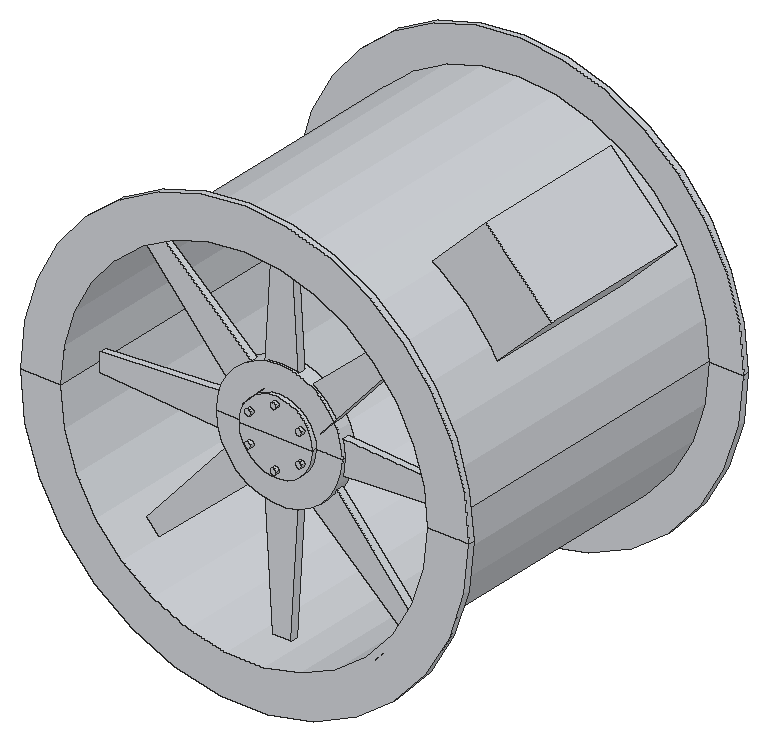
Revit family "CADS_Vent-Axia_MechEquip_Fan_LCA_315_1Ph4P - EXTRACT", category Mechanical Equipment, Revit 2020
Family settings
  Round Connector Dimension = Use Diameter
  Part Type = Normal
  OmniClass Number = 23.75.00.00
  OmniClass Title = Climate Control (HVAC)
  Work Plane-Based = No
  Always vertical = Yes
  Cut with Voids When Loaded = No
  Shared = No
  Room Calculation Point = No
Parameters (values of type "LCA311410")
  nr = NominalDiameter / 2  # 157.5 mm
  WorkingPressure = 0.0 Pa
  WarrantyStartDate [instance] = "1900-12-31T23:59:59"
  WarrantyPeriod = ""
  WarrantyIdentifier = "N/A"
  WarrantyGuarantorParts = "tech@vent-axia.com"
  WarrantyGuarantorLabor = "tech@vent-axia.com"
  WarrantyGuarantor = "Vent-Axia Limited"
  WarrantyEndDate [instance] = "1900-12-31T23:59:59"
  WarrantyContent = ""
  TemperatureRange = ""
  TagNumber [instance] = "N/A"
  SustainabilityPerformance = ""
  Status = "New"
  Size = ""
  Shape = ""
  ServiceLifeType = ""
  ServiceLifeDuration = ""
  SerialNumber [instance] = "N/A"
  ReplacementCost = ""
  RatedVoltage = 0 V
  RatedCurrent = 0 A
  Quantity = 1
  ProductionYear = ""
  PressureCurve = ""
  PowerFactor = ""
  PointOfContact = ""
  NumberOfPoles = 0
  NominalWidth = 315 mm
  NominalLength = 300 mm
  NominalHeight = 315 mm
  NominalFrequencyRange = ""
  NominalDiameter = 315 mm
  ModelReference = "LCAX 315mm 1PH 4P 10DEG"
  ModelNumber = "LCA311410"
  Material = ""
  ManufacturerE-Mail = "tech@vent-axia.com"
  ManufacturerAddress = "Fleming Way\nCrawley \nRH10 9YX"
  IsExtendedWarranty = no
  InsulationStandardClass = ""
  InstallationDate [instance] = "1900-12-31T23:59:59"
  IfcExportType [instance] = ""
  IfcExportAs = "IfcFanType"
  IP_Code = ""
  HasProtectiveEarth = no
  GrossWeight = 0.00 kg
  Grade = ""
  GlobalTradeItemNumber [instance] = "N/A"
  Fitting Type = "Ignore"
  Finish = ""
  Features = ""
  ExteriorInsulation = no
  ExpectedServiceLife = 0
  Exclusions = ""
  DurationUnit = "Year"
  Default Elevation = 0 mm
  Constituents = ""
  ConductorFunction = ""
  Color = ""
  CodePerformance = ""
  Category = ""
  CADS_Usage = 0
  CADS_Index = 0
  AssetType = "FIXED"
  AssetIdentifier [instance] = "N/A"
  AssemblyPlace = "UNKNOWN"
  ArticleNumber [instance] = "N/A"
  AirflowRateRange = 0.0 L/s
  Air Flow [instance] = 0.0 L/s
  AccessibilityPerformance = ""
Types (15, lengths in mm): name | ModelReference | ModelNumber
  LCA311410 | "LCAX 315mm 1PH 4P 10DEG" | "LCA311410"
  LCA311412 | "LCAX 315mm 1PH 4P 12DEG" | "LCA311412"
  LCA311414 | "LCAX 315mm 1PH 4P 14DEG" | "LCA311414"
  LCA311416 | "LCAX 315mm 1PH 4P 16DEG" | "LCA311416"
  LCA311418 | "LCAX 315mm 1PH 4P 18DEG" | "LCA311418"
  LCA311420 | "LCAX 315mm 1PH 4P 20DEG" | "LCA311420"
  LCA311422 | "LCAX 315mm 1PH 4P 22DEG" | "LCA311422"
  LCA311424 | "LCAX 315mm 1PH 4P 24DEG" | "LCA311424"
  LCA311426 | "LCAX 315mm 1PH 4P 26DEG" | "LCA311426"
  LCA311428 | "LCAX 315mm 1PH 4P 28DEG" | "LCA311428"
  LCA311430 | "LCAX 315mm 1PH 4P 30DEG" | "LCA311430"
  LCA311432 | "LCAX 315mm 1PH 4P 32DEG" | "LCA311432"
  LCA311434 | "LCAX 315mm 1PH 4P 34DEG" | "LCA311434"
  LCA311436 | "LCAX 315mm 1PH 4P 36DEG" | "LCA311436"
  LCA311438 | "LCAX 315mm 1PH 4P 38DEG" | "LCA311438"
Reference planes
  plane 1 "Center (Front/Back)": y = 0
  plane 2: z = 0
  plane 3 "Center (Left/Right)": x = 0
  plane 4: x = -157.5
  plane 5: x = 157.5
  plane 6 "F": y = -150
  plane 7 "B": y = 150
  plane 8: x = -192.5
  plane 9: y = 145
  plane 10: y = -145
  plane 11: x = -162.5
  plane 12: y = -110
  plane 13 "top": z = 157.5
  plane 14: z = -157.5
  plane 15 "45deg": through (0, -1524, 0) normal (-0.7071, 0, -0.7071)
  plane 16 "C": through (0, -1524, 0) normal (-0.7071, 0, 0.7071)
Forms (mm)
  Revolve 1, solid
    sketch origin (0, 0, 0) x (1, 0, 0) y (0, 1, 0)
      loop
        line (-192.5, -150) -> (-157.5, -150) -> (-157.5, 150) -> (-192.5, 150) -> (-192.5, 145) -> (-162.5, 145) -> (-162.5, -145) -> (-192.5, -145) -> (-192.5, -150)
      axis (0, 150) -> (0, -150)
    angle from 0 to 360
  Sweep 2, solid
    path origin (0, 0, 0) x (1, 0, 0) y (0, 0, 1)
      loop
        line (111.369, 111.369) -> (157.331, 157.331)
    profile origin (134.35, 0, 134.35) x (-0.707107, 0, 0.707107) y (0, -1, 0)
      loop
        line (37.5, 55) -> (-42.73, 55) -> (-42.73, -79.5) -> (37.5, -79.5) -> (37.5, 55)
Dimensions and locks
  equal spacing: plane 4, plane 3 "Center (Left/Right)", plane 5
  equal spacing: plane 7 "B", plane 1 "Center (Front/Back)", plane 6 "F"
  "NominalLength": plane 7 "B" to plane 6 "F"
  "NominalDiameter": plane 4 to plane 5
  locked: plane 11 to plane 4 at 5
  locked: plane 8 to plane 11 at 30
  locked: plane 6 "F" to plane 10 at 5
  locked: plane 7 "B" to plane 9 at 5
  locked: plane 6 "F" to plane 12 at 40
  equal spacing: plane 13 "top", level, plane 14
  "NominalDiameter": plane 13 "top" to plane 14
  "nr": Sweep 2 sketch curve to nested 13
  Sweep 2 sketch curve to Sweep 2 sketch curve = 65 mm
  aligned and locked: level to plane 2
  aligned and locked: nested 1 to plane 12
Automatic sketch dimensions
  plane 6 "F" to Revolve 1 sketch curve = 0 mm
  Revolve 1 sketch curve to plane 8 = 0 mm  (x2)
  plane 10 to Revolve 1 sketch curve = 0 mm
  Revolve 1 sketch curve to plane 11 = 0 mm
  Revolve 1 sketch curve to plane 4 = 0 mm
  Revolve 1 sketch curve to plane 3 "Center (Left/Right)" = 0 mm
  plane 1 "Center (Front/Back)" to Revolve 1 sketch curve = 0 mm
  Revolve 1 sketch curve to plane 9 = 0 mm
  Revolve 1 sketch curve to plane 7 "B" = 0 mm
  plane 6 "F" to Revolve 1 sketch curve = 115 mm
  plane 1 "Center (Front/Back)" to Sweep 2 sketch curve = 55 mm
  Sweep 2 sketch curve to profile plane = 37.5 mm
  Sweep 2 sketch curve to Sweep 2 sketch curve = 80.23 mm
  Sweep 2 sketch curve to Sweep 2 sketch curve = 134.5 mm
  Sweep 2 sketch curve to plane 16 "C" = 0 mm  (x2)
Nested families
  nested 1: "Fan for ESC" at (0, -110, 0), ND <- "NominalDiameter", type "Fan for ESC"
    with hub 31.5 mm, ND 315 mm, BoltPCD 25.2 mm, Bolt Count 6, B_Diam 5 mm
  nested 2: "Bolts" at (21.824, -119.172, -12.6) x (-0.5, 0, -0.866) z (0, 1, 0), type "Bolts"
    with bd 5 mm
  nested 3: "Bolts" at (0, -119.172, -25.2) x (-1, 0, 0) z (0, 1, 0), type "Bolts"
    with bd 5 mm
  nested 4: "Bolts" at (-21.824, -119.172, -12.6) x (-0.5, 0, 0.866) z (0, 1, 0), type "Bolts"
    with bd 5 mm
  nested 5: "Bolts" at (-21.824, -119.172, 12.6) x (0.5, 0, 0.866) z (0, 1, 0), type "Bolts"
    with bd 5 mm
  nested 6: "Bolts" at (21.824, -119.172, 12.6) x (0.5, 0, -0.866) z (0, 1, 0), type "Bolts"
    with bd 5 mm
  nested 7: "Bolts" at (0, -119.172, 25.2) x (1, 0, 0) z (0, 1, 0), type "Bolts"
    with bd 5 mm
  nested 8: "ESC Blade" at (0, -110, 0), type "ESC Blade"
    with a 20.00°, HR 31.5 mm, HD 63 mm, BT 15.75 mm, BR 126 mm, BH 40 mm, BD 315 mm, BB 31.5 mm
  nested 9: "ESC Blade" at (0, -110, 0) x (0.7071, 0, -0.7071) z (0.7071, 0, 0.7071), type "ESC Blade"
    with a 20.00°, HR 31.5 mm, HD 63 mm, BT 15.75 mm, BR 126 mm, BH 40 mm, BD 315 mm, BB 31.5 mm
  nested 10: "ESC Blade" at (0, -110, 0) x (0, 0, -1) z (1, 0, 0), type "ESC Blade"
    with a 20.00°, HR 31.5 mm, HD 63 mm, BT 15.75 mm, BR 126 mm, BH 40 mm, BD 315 mm, BB 31.5 mm
  nested 11: "ESC Blade" at (0, -110, 0) x (-0.7071, 0, -0.7071) z (0.7071, 0, -0.7071), type "ESC Blade"
    with a 20.00°, HR 31.5 mm, HD 63 mm, BT 15.75 mm, BR 126 mm, BH 40 mm, BD 315 mm, BB 31.5 mm
  nested 12: "ESC Blade" at (0, -110, 0) x (-1, 0, 0) z (0, 0, -1), type "ESC Blade"
    with a 20.00°, HR 31.5 mm, HD 63 mm, BT 15.75 mm, BR 126 mm, BH 40 mm, BD 315 mm, BB 31.5 mm
  nested 13: "ESC Blade" at (0, -110, 0) x (-0.7071, 0, -0.7071) z (-0.7071, 0, 0.7071), type "ESC Blade"
    with a 20.00°, HR 31.5 mm, HD 63 mm, BT 15.75 mm, BR 126 mm, BH 40 mm, BD 315 mm, BB 31.5 mm
  nested 14: "ESC Blade" at (0, -110, 0) x (0, 0, -1) z (-1, 0, 0), type "ESC Blade"
    with a 20.00°, HR 31.5 mm, HD 63 mm, BT 15.75 mm, BR 126 mm, BH 40 mm, BD 315 mm, BB 31.5 mm
  nested 15: "ESC Blade" at (0, -110, 0) x (0.7071, 0, -0.7071) z (-0.7071, 0, -0.7071), type "ESC Blade"
    with a 20.00°, HR 31.5 mm, HD 63 mm, BT 15.75 mm, BR 126 mm, BH 40 mm, BD 315 mm, BB 31.5 mm
Connectors
  hvac at (0, -150, 0), driven by "NominalDiameter", driven by "Air Flow"
    settings: on Revolve 1, index 1, duct flow 0.0 L/s, flow factor 0, pres drop 0.0 Pa, loss coef 0, conn angle 0.00°, conn width 304.8 mm, conn height 304.8 mm, conn diameter 315 mm, duct sys type 2, conn prof type 0, flow config 0, flow direction 1, loss method 0, conn ref index -1, conn util no, is conn primary yes, conn desc ""
  hvac at (0, 150, 0), driven by "NominalDiameter", driven by "Air Flow"
    settings: on Revolve 1, index 2, duct flow 0.0 L/s, flow factor 0, pres drop 0.0 Pa, loss coef 0, conn angle 0.00°, conn width 304.8 mm, conn height 304.8 mm, conn diameter 315 mm, duct sys type 3, conn prof type 0, flow config 1, flow direction 2, loss method 0, conn ref index -1, conn util no, is conn primary no, conn desc ""
Definition of nested family "Fan for ESC"
  Parameters (values of type "Fan for ESC")
    hub [instance] = ND / 10  # 56.7 mm
    ND [instance] = 567 mm
    Model = "."
    Default Elevation = 0 mm
    BoltPCD [instance] = hub - (hub * 0.2)  # 45.36 mm
    Bolt Count [instance] = if(hub < 50 mm, 6, 8)  # 8
    B_Diam [instance] = if(hub < 50 mm, 5 mm, 10 mm)  # 10 mm
  Reference planes
    plane 1 "Center (Front/Back)": y = 0
    plane 2: z = 0
    plane 3 "Center (Left/Right)": x = 0
    plane 4 "back": y = 20
    plane 5 "bolts": y = -9.172
    plane 6 "B": z = 56.7
    plane 7: x = -79.287
    plane 8: x = -56.7
    plane 9 "hubface": y = -6.172
  Forms (mm)
    Revolve 1, solid
      sketch origin (0, 0, 0) x (1, 0, 0) y (0, 1, 0)
        loop
          line (0, 20) -> (-56.7, 20) -> (-56.7, 10.504) -> (-79.287, 10.504) -> (-79.287, -2.597) -> (-56.7, -2.597) -> (-56.7, -6.172) -> (0, -6.172) -> (0, 20)
        axis (0, 20) -> (0, -6.172)
      angle from 0 to 360
    Extrusion 2, solid, not visible
      sketch origin (0, -6.347, -4) x (-1, 0, 0) y (0, 0, 1)
        loop
          circle (0, 84) r 5
      from 0 to 3
  Lines and regions (mm)
    symbolic lines
      curve 1: circle (0, -9.172, 0) r 45.36 normal (0, 1, 0)
    model lines, not visible
      curve 2: line (0, -6.347, 85) -> (0, -6.347, 75)
  Dimensions and locks
    "hub": plane 6 "B" to plane 2
    "hub": nested 3 to plane 3 "Center (Left/Right)"
    "hub": nested 4 to plane 3 "Center (Left/Right)"
    "hub": nested 5 to plane 3 "Center (Left/Right)"
    "hub": plane 3 "Center (Left/Right)" to nested 6
    "hub": Revolve 1 sketch curve to Revolve 1 sketch curve
    "hub": plane 3 "Center (Left/Right)" to nested 7
    "hub": plane 3 "Center (Left/Right)" to nested 8
    "hub": plane 3 "Center (Left/Right)" to nested 9
    "hub": plane 8 to plane 3 "Center (Left/Right)"
    plane 7 to plane 8 = 22.587 mm
    diameter of Extrusion 2 sketch curve = 10 mm
    "BoltPCD": radius of curve 1
    "BoltPCD": radius of radial array
    aligned and locked: level to plane 2
    aligned and locked: plane 6 "B" to nested 1
  Automatic sketch dimensions
    Revolve 1 sketch curve to plane 7 = 0 mm
    Revolve 1 sketch curve to plane 8 = 0 mm  (x2)
    Revolve 1 sketch curve to plane 3 "Center (Left/Right)" = 0 mm
    Revolve 1 sketch curve to plane 9 "hubface" = 0 mm
    plane 4 "back" to Revolve 1 sketch curve = 0 mm
    plane 1 "Center (Front/Back)" to Revolve 1 sketch curve = 2.597 mm
    plane 4 "back" to Revolve 1 sketch curve = 9.496 mm
    Revolve 1 sketch curve to Revolve 1 sketch curve = 5 mm
    Revolve 1 sketch curve to plane 4 "back" = 45 mm
    curve 1 to level = 0 mm
    curve 1 to plane 3 "Center (Left/Right)" = 0 mm
  Nested families
    nested 1: "ESC Blade" at (0, 0, 0), BD <- "ND", HD <- "hub", type "ESC Blade"
      with a 20.00°, HR 56.7 mm, HD 113.4 mm, BT 28.35 mm, BR 226.8 mm, BH 40 mm, BD 567 mm, BB 56.7 mm
    nested 2: "ESC Blade" at (0, 0, 755), BD <- "ND", HD <- "hub", type "ESC Blade", not visible
      with a 20.00°, HR 56.7 mm, HD 113.4 mm, BT 28.35 mm, BR 226.8 mm, BH 40 mm, BD 567 mm, BB 56.7 mm
    nested 3: "ESC Blade" at (0, 0, 0) x (0.7071, 0, -0.7071) z (0.7071, 0, 0.7071), BD <- "ND", HD <- "hub", type "ESC Blade"
      with a 20.00°, HR 56.7 mm, HD 113.4 mm, BT 28.35 mm, BR 226.8 mm, BH 40 mm, BD 567 mm, BB 56.7 mm
    nested 4: "ESC Blade" at (0, 0, 0) x (0, 0, -1) z (1, 0, 0), BD <- "ND", HD <- "hub", type "ESC Blade"
      with a 20.00°, HR 56.7 mm, HD 113.4 mm, BT 28.35 mm, BR 226.8 mm, BH 40 mm, BD 567 mm, BB 56.7 mm
    nested 5: "ESC Blade" at (0, 0, 0) x (-0.7071, 0, -0.7071) z (0.7071, 0, -0.7071), BD <- "ND", HD <- "hub", type "ESC Blade"
      with a 20.00°, HR 56.7 mm, HD 113.4 mm, BT 28.35 mm, BR 226.8 mm, BH 40 mm, BD 567 mm, BB 56.7 mm
    nested 6: "ESC Blade" at (0, 0, 0) x (-1, 0, 0) z (0, 0, -1), BD <- "ND", HD <- "hub", type "ESC Blade"
      with a 20.00°, HR 56.7 mm, HD 113.4 mm, BT 28.35 mm, BR 226.8 mm, BH 40 mm, BD 567 mm, BB 56.7 mm
    nested 7: "ESC Blade" at (0, 0, 0) x (-0.7071, 0, -0.7071) z (-0.7071, 0, 0.7071), BD <- "ND", HD <- "hub", type "ESC Blade"
      with a 20.00°, HR 56.7 mm, HD 113.4 mm, BT 28.35 mm, BR 226.8 mm, BH 40 mm, BD 567 mm, BB 56.7 mm
    nested 8: "ESC Blade" at (0, 0, 0) x (0, 0, -1) z (-1, 0, 0), BD <- "ND", HD <- "hub", type "ESC Blade"
      with a 20.00°, HR 56.7 mm, HD 113.4 mm, BT 28.35 mm, BR 226.8 mm, BH 40 mm, BD 567 mm, BB 56.7 mm
    nested 9: "ESC Blade" at (0, 0, 0) x (0.7071, 0, -0.7071) z (-0.7071, 0, -0.7071), BD <- "ND", HD <- "hub", type "ESC Blade"
      with a 20.00°, HR 56.7 mm, HD 113.4 mm, BT 28.35 mm, BR 226.8 mm, BH 40 mm, BD 567 mm, BB 56.7 mm
    nested 10: "Bolts" at (0, -9.172, 45.36) x (1, 0, 0) z (0, 1, 0), bd <- "B_Diam", type "Bolts"
      with bd 10 mm
    nested 11: "Bolts" at (32.074, -9.172, 32.074) x (0.7071, 0, -0.7071) z (0, 1, 0), bd <- "B_Diam", type "Bolts"
      with bd 10 mm
    nested 12: "Bolts" at (-32.074, -9.172, 32.074) x (0.7071, 0, 0.7071) z (0, 1, 0), bd <- "B_Diam", type "Bolts"
      with bd 10 mm
    nested 13: "Bolts" at (-45.36, -9.172, 0) x (0, 0, 1) z (0, 1, 0), bd <- "B_Diam", type "Bolts"
      with bd 10 mm
    nested 14: "Bolts" at (-32.074, -9.172, -32.074) x (-0.7071, 0, 0.7071) z (0, 1, 0), bd <- "B_Diam", type "Bolts"
      with bd 10 mm
    nested 15: "Bolts" at (0, -9.172, -45.36) x (-1, 0, 0) z (0, 1, 0), bd <- "B_Diam", type "Bolts"
      with bd 10 mm
    nested 16: "Bolts" at (32.074, -9.172, -32.074) x (-0.7071, 0, -0.7071) z (0, 1, 0), bd <- "B_Diam", type "Bolts"
      with bd 10 mm
    nested 17: "Bolts" at (45.36, -9.172, 0) x (0, 0, -1) z (0, 1, 0), bd <- "B_Diam", type "Bolts"
      with bd 10 mm
  Definition of nested family "ESC Blade"
    Parameters (values of type "ESC Blade")
      a [instance] = 20.00°
      HR [instance] = HD / 2  # 30 mm
      HD [instance] = BD / 5  # 60 mm
      Default Elevation = 1219.2 mm
      BT [instance] = BD / 20  # 15 mm
      BR [instance] = (BD / 2) - HR  # 120 mm
      BH [instance] = 40 mm
      BD [instance] = 300 mm
      BB [instance] = BD / 10  # 30 mm
    Reference planes
      plane 1 "Center (Front/Back)": y = 0
      plane 2: z = 0
      plane 3 "Center (Left/Right)": x = 0
      plane 4 "Blade Bot": z = 30
      plane 5: x = -15
      plane 6: x = 15
      plane 7: x = -7.5
      plane 8: x = 7.5
    Forms (mm)
      Blend 1, solid
        base sketch origin (0, 0, 30) x (-1, 0, 0) y (0, -1, 0)
          loop
            line (15, 0) -> (-15, 0) -> (-15, -6) -> (15, -6) -> (15, 0)
        top sketch origin (0, 0, 30) x (-1, 0, 0) y (0, -1, 0)
          loop
            line (7.5, -6) -> (7.5, 0) -> (-7.5, 0) -> (-7.5, -6) -> (7.5, -6)
        from 0 to 120 <- "BR"
    Dimensions and locks
      "HR": plane 4 "Blade Bot" to level
      equal spacing: plane 8, plane 3 "Center (Left/Right)", plane 7
      "BT": plane 8 to plane 7
      equal spacing: plane 6, plane 3 "Center (Left/Right)", plane 5
      "BB": plane 6 to plane 5
      aligned and locked: level to plane 2
    Automatic sketch dimensions
      plane 1 "Center (Front/Back)" to Blend 1 sketch curve = 0 mm  (x2)
      Blend 1 sketch curve to plane 6 = 0 mm
      Blend 1 sketch curve to plane 5 = 0 mm
      Blend 1 sketch curve to plane 1 "Center (Front/Back)" = 6 mm  (x2)
      Blend 1 sketch curve to plane 8 = 0 mm
      Blend 1 sketch curve to plane 7 = 0 mm
  Definition of nested family "Bolts"
    Parameters
      bd [instance] = 10 mm
      Default Elevation = 1219.2 mm
    Reference planes
      plane 1 "Center (Front/Back)": y = 0
      plane 2: z = 0
      plane 3 "Center (Left/Right)": x = 0
    Forms (mm)
      Extrusion 1, solid
        sketch origin (0, 0, 0) x (1, 0, 0) y (0, 1, 0)
          loop
            line (-1219.2, 1219.2) -> (-1219.2, -1219.2) -> (1219.2, -1219.2) -> (1219.2, 1219.2) -> (-1219.2, 1219.2)
        from 0 to -304.8
      Extrusion 2, solid
        sketch origin (0, 0, 0) x (1, 0, 0) y (0, 1, 0)
          loop
            circle (0, 0) r 5
        from 0 to 3
    Dimensions and locks
      "bd": diameter of Extrusion 2 sketch curve
      aligned and locked: plane 2 to Extrusion 1
      aligned and locked: level to Extrusion 1
    Automatic sketch dimensions
      Extrusion 1 sketch curve to Extrusion 1 sketch curve = 2438.4 mm  (x2)
      plane 1 "Center (Front/Back)" to Extrusion 2 sketch curve = 0 mm
      Extrusion 2 sketch curve to plane 3 "Center (Left/Right)" = 0 mm
Definition of nested family "Bolts"
  Parameters
    bd [instance] = 10 mm
    Default Elevation = 1219.2 mm
  Reference planes
    plane 1 "Center (Front/Back)": y = 0
    plane 2: z = 0
    plane 3 "Center (Left/Right)": x = 0
  Forms (mm)
    Extrusion 1, solid
      sketch origin (0, 0, 0) x (1, 0, 0) y (0, 1, 0)
        loop
          line (-1219.2, 1219.2) -> (-1219.2, -1219.2) -> (1219.2, -1219.2) -> (1219.2, 1219.2) -> (-1219.2, 1219.2)
      from 0 to -304.8
    Extrusion 2, solid
      sketch origin (0, 0, 0) x (1, 0, 0) y (0, 1, 0)
        loop
          circle (0, 0) r 5
      from 0 to 3
  Dimensions and locks
    "bd": diameter of Extrusion 2 sketch curve
    aligned and locked: plane 2 to Extrusion 1
    aligned and locked: level to Extrusion 1
  Automatic sketch dimensions
    Extrusion 1 sketch curve to Extrusion 1 sketch curve = 2438.4 mm  (x2)
    plane 1 "Center (Front/Back)" to Extrusion 2 sketch curve = 0 mm
    Extrusion 2 sketch curve to plane 3 "Center (Left/Right)" = 0 mm
Definition of nested family "ESC Blade"
  Parameters (values of type "ESC Blade")
    a [instance] = 20.00°
    HR [instance] = HD / 2  # 30 mm
    HD [instance] = BD / 5  # 60 mm
    Default Elevation = 1219.2 mm
    BT [instance] = BD / 20  # 15 mm
    BR [instance] = (BD / 2) - HR  # 120 mm
    BH [instance] = 40 mm
    BD [instance] = 300 mm
    BB [instance] = BD / 10  # 30 mm
  Reference planes
    plane 1 "Center (Front/Back)": y = 0
    plane 2: z = 0
    plane 3 "Center (Left/Right)": x = 0
    plane 4 "Blade Bot": z = 30
    plane 5: x = -15
    plane 6: x = 15
    plane 7: x = -7.5
    plane 8: x = 7.5
  Forms (mm)
    Blend 1, solid
      base sketch origin (0, 0, 30) x (-1, 0, 0) y (0, -1, 0)
        loop
          line (15, 0) -> (-15, 0) -> (-15, -6) -> (15, -6) -> (15, 0)
      top sketch origin (0, 0, 30) x (-1, 0, 0) y (0, -1, 0)
        loop
          line (7.5, -6) -> (7.5, 0) -> (-7.5, 0) -> (-7.5, -6) -> (7.5, -6)
      from 0 to 120 <- "BR"
  Dimensions and locks
    "HR": plane 4 "Blade Bot" to level
    equal spacing: plane 8, plane 3 "Center (Left/Right)", plane 7
    "BT": plane 8 to plane 7
    equal spacing: plane 6, plane 3 "Center (Left/Right)", plane 5
    "BB": plane 6 to plane 5
    aligned and locked: level to plane 2
  Automatic sketch dimensions
    plane 1 "Center (Front/Back)" to Blend 1 sketch curve = 0 mm  (x2)
    Blend 1 sketch curve to plane 6 = 0 mm
    Blend 1 sketch curve to plane 5 = 0 mm
    Blend 1 sketch curve to plane 1 "Center (Front/Back)" = 6 mm  (x2)
    Blend 1 sketch curve to plane 8 = 0 mm
    Blend 1 sketch curve to plane 7 = 0 mm
